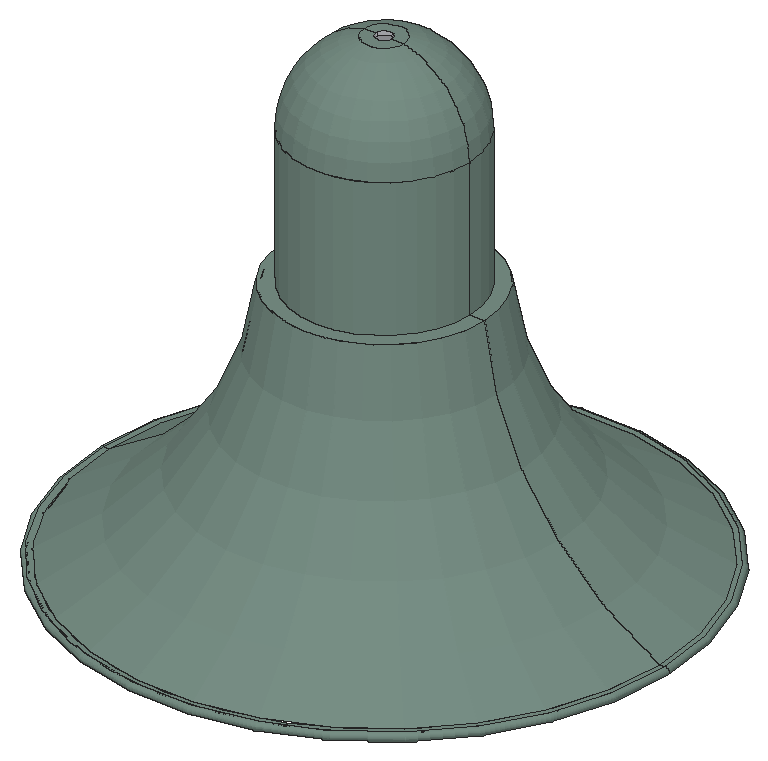
Revit family "DC18 SHADE", category Lighting Fixtures, Revit 2024
Family settings
  Round Connector Dimension = Use Diameter
  Part Type = Normal
  OmniClass Number = 23.80.70.00
  OmniClass Title = Lighting
  Work Plane-Based = No
  Always vertical = Yes
  Cut with Voids When Loaded = No
  Light Source = Yes
  Maintain Annotation Orientation = No
  Shared = No
  Room Calculation Point = No
Parameters
  Wattage = 12.1178 W
  built-in parameter 1150110 = 1 (stored number, unit not read)
  built-in parameter 1114217 = 1 (stored number, unit not read)
  built-in parameter 1150109 = 1 (stored number, unit not read)
  built-in parameter 1150134 = (empty or 0)
  built-in parameter 1150113 = 1 (stored number, unit not read)
  Lumens = 1800 lm
  built-in parameter 1150115 = 1 (stored number, unit not read)
  built-in parameter 1150105 = 572.96 (stored number, unit not read)
  Light Source Symbol Size = 2' - 0"
  built-in parameter 1150137 = (empty or 0)
  built-in parameter 1150139 = (empty or 0)
  built-in parameter 1150112 = 1 (stored number, unit not read)
  built-in parameter 1150114 = 1 (stored number, unit not read)
  built-in parameter 1150132 = 2
  built-in parameter 1150102 = (empty or 0)
  built-in parameter 1150138 = (empty or 0)
  built-in parameter 1150107 = 3000 (stored number, unit not read)
  built-in parameter 1150106 = 5.7296 (stored number, unit not read)
  built-in parameter 1150104 = 13.8 (stored number, unit not read)
  Dimming Lamp Color Temperature Shift = (empty or 0)
  Default Elevation = 0' - 0"
  Color Filter = 16777215
  built-in parameter 1114218 = 1 (stored number, unit not read)
  built-in parameter 1150133 = 10 (stored number, unit not read)
Reference planes (in)
  plane 1 "Light Source Axis (F/B)": y = 0
  plane 2: z = 0
  plane 3 "Light Source Axis (L/R)": x = 0
  plane 4 "Light Source Elevation": z = 84
Forms (in)
  Revolve 1, solid
    sketch origin (0, 0, 0) x (1, 0, 0) y (0, 0, 1)
      loop
        line (-0.25, 99) -> (-0.625, 99)
        arc (-0.625, 99) -> (-2.12385, 98.04473) -> (-2.70729, 96.36584) r 2.70729
        line (-2.70729, 96.36584) -> (-2.70729, 92.03657) -> (-3.16688, 92.03657)
        arc (-3.16688, 92.03657) -> (-4.90022, 87.40412) -> (-8.71015, 84.25) r 9.59726
        line (-8.71015, 84.25) -> (-8.87916, 84.25)
        arc (-8.87916, 84.25) -> (-8.96682, 84.03589) -> (-8.75417, 84.12705) r 0.125
        arc (-8.75417, 84.12705) -> (-4.87533, 87.27812) -> (-3.08222, 91.94282) r 9.69101
        line (-3.08222, 91.94282) -> (-2.61354, 91.94282) -> (-2.61354, 96.36584)
        arc (-2.61354, 96.36584) -> (-2.05367, 97.98233) -> (-0.61393, 98.90625) r 2.61354
        line (-0.61393, 98.90625) -> (-0.25, 98.90625) -> (-0.25, 99)
      axis (0, 99) -> (0, 84.12705)
    angle from 0 to 360
Dimensions and locks (in)
  aligned and locked: plane 3 "Light Source Axis (L/R)" to imposter light
  aligned and locked: plane 1 "Light Source Axis (F/B)" to imposter light
  aligned and locked: plane 4 "Light Source Elevation" to imposter light
  aligned and locked: level to plane 2
